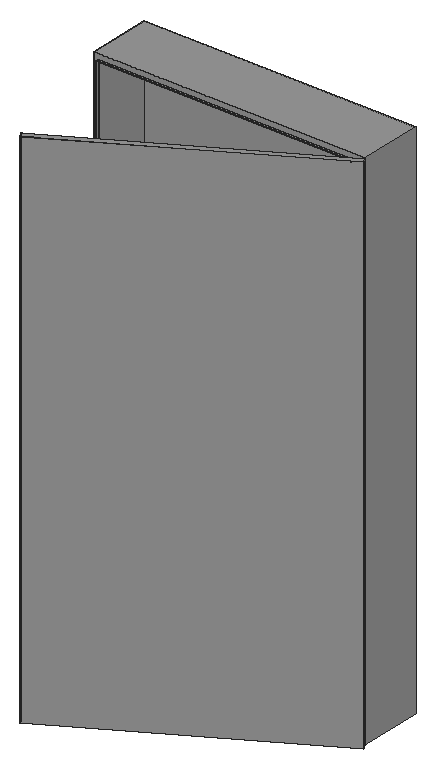
Revit family "Hager-Univers-IP44-D205-H1550-Cl.I-Encl-NoHosted-CH-en", category Equipement électrique, Revit 2020
Family settings
  Configuration du panneau = Deux colonnes, circuits au sein
  Cote de connecteur circulaire = Utiliser le diamètre
  Type d'élément = Tableau de raccordement
  Basée sur le plan de construction = Oui
  Toujours verticalement = Oui
  Couper avec des vides une fois chargée = Non
  Partagée = Non
  Point de calcul de pièce = Non
Parameters (values of type "Surface mounted (plaster) IP44 W800 H1550 D205  - FP03TN2")
  Width Control [instance] = if([EF000008 - Width] > Min Width, [EF000008 - Width], Min Width)  # 800 mm
  Commentaires du type = [HG000003 - Range]  # "Univers"
  Thickness Door [instance] = if([EF009171 - Material plate thickness door/cover] > 3 mm, 3 mm, [EF009171 - Material plate thickness door/cover])  # 1 mm
  Seal Frame Offset [instance] = 17 mm  # constant formula
  Plinth Visibility [instance] = [HG000027 - Plinth height] > 0 mm  # no
  Min Width [instance] = 100 mm  # constant formula
  Min Depth [instance] = (2 * [EF009170 - Material plate thickness cabinet]) + 1 mm  # 3 mm
  Min Height [instance] = 100 mm  # constant formula
  Internal Frame Depth [instance] = (Door System Depth * 0.5)  # 9 mm
  Panel Name [instance] = ""  # (empty or 0)
  Model = ""
  HG000027 - Plinth height = 0 mm
  HG000026 - Floor standing = no
  HG000024 - Bottom section height = 600 mm
  HG000023 - Double section enclosure = no
  HG000016 - Door 3d visibility [instance] = yes
  HG000015 - Clearance visibility [instance] = no
  HG000014 - Door on the right [instance] = yes
  HG000013 - Door on the left [instance] = not([HG000014 - Door on the right])  # no
  HG000012 - Door swing angle [instance] = 30.00°
  HG000010 - Asymmetric doors = no
  HG000009 - Double swing door = no
  HG000006 - Flush mounted = no
  HG000004 - Manufacturer reference = "FP03TN2"
  HG000003 - Range = "Univers"
  HG000002 - With door or cover = yes
  Frame Offset Bottom [instance] = 10 mm  # constant formula
  Frame Offset [instance] = 15 mm  # constant formula
  EF015940 - Cover with overpressure release = no
  EF011959 - Degree of protection (NEMA) = ""
  EF009554 - Number of openings for flange plates = 6
  EF009212 - Cover model = "EV000116 - Closed"
  EF009171 - Material plate thickness door/cover = 1 mm
  EF009170 - Material plate thickness cabinet = 1 mm
  EF008873 - Nominal current (In) = 250 A
  EF007800 - Suitable for lightning protection = no
  EF006306 - With lock = no
  EF006244 - Transparent cover/door = no
  EF005474 - Degree of protection (IP) = "EV006418 - IP44"
  EF004464 - Type of door = "EV002646 - Single"
  EF004427 - Number of modules = 360
  EF004293 - Impact strength = "EV006815 - IK09"
  EF003532 - Suitable for outdoor use = no
  EF002950 - Width in number of modular spacings = 36
  EF001613 - Circuit integrity = "EV000494 - None"
  EF001596 - Material housing = "EV000179 - Steel"
  EF001131 - Internal depth = 205 mm
  EF001088 - Extension possible = yes
  EF000437 - Number of conduit inlets = 6
  EF000339 - Type of cover = "EV001012 - Cover"
  EF000266 - Number of rows = 10
  EF000218 - Built-in depth = 205 mm
  EF000118 - With mounting plate = no
  EF000116 - RAL-number = "9010"
  EF000049 - Depth = 205 mm
  EF000040 - Height = 1550 mm
  EF000008 - Width = 800 mm
  EF000007 - Colour = "EV000202 - White"
  EF000003 - Mounting method = "EV000384 - Surface mounted (plaster)"
  Door System Leaf Tolerance [instance] = 1.5 mm  # constant formula
  Door System Depth [instance] = 18 mm  # constant formula
  Door Height [instance] = Height Control - [HG000027 - Plinth height]  # 1550 mm
  Description = ""
  Default Elevation = 1219.2 mm
  Connector Offset [instance] = Height Control / 2  # 775 mm
  Fabricant = "Hager"  # constant formula
  Height Control [instance] = if([EF000040 - Height] > Min Height, [EF000040 - Height], Min Height)  # 1550 mm
  Depth Control [instance] = if([EF000049 - Depth] > Min Depth, [EF000049 - Depth], Min Depth)  # 205 mm
  Bottom Top Plate Trim [instance] = 1.5 mm  # constant formula
  Plinth height Ctrl [instance] = if([HG000027 - Plinth height] > 0 mm, [HG000027 - Plinth height], 12 mm)  # 12 mm
Types (5, lengths in mm): name | Width Control | HG000010 - Asymmetric doors | HG000009 - Double swing door | HG000004 - Manufacturer reference | EF009554 - Number of openings for flange plates | EF008873 - Nominal current (In) | EF004464 - Type of door | EF004427 - Number of modules | EF002950 - Width in number of modular spacings | EF000437 - Number of conduit inlets | EF000008 - Width
  Surface mounted (plaster) IP44 W1050 H1550 D205  - FP04TN2 | 1050 | no | yes | "FP04TN2" | 8 | 400 A | "EV003602 - Double" | 480 | 48 | 8 | 1050
  Surface mounted (plaster) IP44 W1300 H1550 D205  - FP05TN2 | 1300 | yes | yes | "FP05TN2" | 10 | 400 A | "EV003602 - Double" | 600 | 60 | 10 | 1300
  Surface mounted (plaster) IP44 W300 H1550 D205  - FP01TN2 | 300 | no | no | "FP01TN2" | 2 | 250 A | "EV002646 - Single" | 120 | 12 | 2 | 300
  Surface mounted (plaster) IP44 W550 H1550 D205  - FP02TN2 | 550 | no | no | "FP02TN2" | 4 | 250 A | "EV002646 - Single" | 240 | 24 | 4 | 550
  Surface mounted (plaster) IP44 W800 H1550 D205  - FP03TN2 | 800 | no | no | "FP03TN2" | 6 | 250 A | "EV002646 - Single" | 360 | 36 | 6 | 800
Reference planes
  plane 1 "Center (Front/Back)": y = 0
  plane 2: z = 0
  plane 3 "Center (Left/Right)": x = 0
  plane 4: y = 0
  plane 5: y = 0
  plane 6: z = 0
  plane 7: x = -400
  plane 8: x = 400
  plane 9: x = 399
  plane 10: x = -399
  plane 11: z = 0
  plane 12: z = 1
  plane 13: y = -205
  plane 14: y = -1
  plane 15: x = 0
  plane 16: y = -187
  plane 17: y = -204
  plane 18: y = -186
  plane 19: x = -384
  plane 20: x = 384
  plane 21: z = 11
  plane 22: x = -383
  plane 23: x = 383
  plane 24: z = 0
  plane 25: z = 1550
  plane 26: z = 1550
  plane 27: z = 1534
  plane 28: z = 1549
Forms (mm)
  Extrusion 1, solid, material "Hager_Steel_RAL7035_Light_Grey", detail levels medium+fine
    sketch origin (-208.679, -4572, 0) x (-1, 0, 0) y (0, -1, 0)
      loop
        line (191.321, -4385) -> (-608.679, -4385) -> (-608.679, -4572) -> (191.321, -4572) -> (191.321, -4385)
    from 0 to 1550
  Extrusion 2, void
    sketch origin (-350.771, -205, 1219.2) x (1, 0, 0) y (0, 0, 1)
      loop
        line (-48.229, 329.8) -> (-48.229, -1218.2) -> (749.771, -1218.2) -> (749.771, 329.8) -> (-48.229, 329.8)
    from -19 to -204
  Extrusion 3, void
    sketch origin (-290.084, -187, 1219.2) x (1, 0, 0) y (0, 0, 1)
      loop
        line (-93.916, -1208.2) -> (674.084, -1208.2) -> (674.084, 314.8) -> (-93.916, 314.8) -> (-93.916, -1208.2)
    from 0 to -1
  Extrusion 4, solid, material "Hager_Steel_RAL7035_Light_Grey", visible <- "Plinth Visibility", detail levels medium+fine
    sketch origin (0, 0, 0) x (1, 0, 0) y (0, 1, 0)
      loop
        line (-400, 0) -> (-400, -187) -> (400, -187) -> (400, 0) -> (-400, 0)
    from 0 to 12 <- "Plinth height Ctrl"
  Extrusion 5, solid, material "Hager_Steel_RAL7035_Light_Grey", detail levels coarse
    sketch origin (0, 0, 0) x (1, 0, 0) y (0, 1, 0)
      loop
        line (-400, 0) -> (-400, -205) -> (400, -205) -> (400, 0) -> (-400, 0)
    from 0 to 1550 <- "Height Control"
  Sweep 6, void
    path in 3D
      loop
        line (-400, -187, 12) -> (400, -187, 12) -> (400, 0, 12) -> (-400, 0, 12) -> (-400, -187, 12)
    profile origin (-400, -93.5, 12) x (1, 0, 0) y (0, 0, 1)
      loop
        line (0, 0) -> (0, -1.5) -> (1.5, -1.5)
        arc (1.5, -1.5) -> (1.061, -0.439) -> (0, 0) r 1.5
  Extrusion 7, solid, material "Hager_Steel_RAL7035_Light_Grey", detail levels fine
    sketch origin (-400, -187, 0) x (1, 0, 0) y (0, 0, 1)
      loop
        line (16, 11) -> (784, 11) -> (784, 1534) -> (16, 1534) -> (16, 11)
      loop
        line (15, 10) -> (785, 10) -> (785, 1535) -> (15, 1535) -> (15, 10)
    from 0 to 9 <- "Internal Frame Depth"
Cuts and joins
  Extrusion 2, Extrusion 3 cuts Extrusion 1
  Sweep 6 cuts Extrusion 4
Lines and regions (mm)
  Masking region 1
    outline origin (0, 0, 0) x (1, 0, 0) y (0, 1, 0)
      loop
        line (-400, 0) -> (-400, -205) -> (400, -205) -> (400, 0) -> (-400, 0)
  Masking region 2, detail levels coarse
    outline origin (-290.084, -187, 1219.2) x (-1, 0, 0) y (0, 0, 1)
      loop
        line (-690.084, -1219.2) -> (109.916, -1219.2) -> (109.916, 330.8) -> (-690.084, 330.8) -> (-690.084, -1219.2)
  Masking region 3, detail levels coarse
    outline origin (0, 0, 0) x (0, 1, 0) y (0, 0, 1)
      loop
        line (0, 0) -> (0, 1550) -> (-205, 1550) -> (-205, 0) -> (0, 0)
  Masking region 4, visible <- "Plinth Visibility", detail levels medium+fine
    outline origin (0, 0, 0) x (0, 1, 0) y (0, 0, 1)
      loop
        line (-1.5, 12) -> (-185.5, 12)
        arc (-185.5, 12) -> (-185.939, 10.939) -> (-187, 10.5) r 1.5
        line (-187, 10.5) -> (-187, 0) -> (0, 0) -> (0, 10.5)
        arc (0, 10.5) -> (-1.061, 10.939) -> (-1.5, 12) r 1.5
  Masking region 5, detail levels medium+fine
    outline origin (0, 0, 594.038) x (0, 1, 0) y (0, 0, 1)
      loop
        line (0, -594.038) -> (0, 955.962) -> (-187, 955.962) -> (-187, -594.038) -> (0, -594.038)
  Masking region 6, detail levels medium+fine
    outline origin (-359.7, -187, 1211.883) x (-1, 0, 0) y (0, 0, 1)
      loop
        line (-759.7, -1211.883) -> (40.3, -1211.883) -> (40.3, 338.117) -> (-759.7, 338.117) -> (-759.7, -1211.883)
  Masking region 7, visible <- "Plinth Visibility", detail levels medium+fine
    outline origin (-320.334, -187, 1041.368) x (-1, 0, 0) y (0, 0, 1)
      loop
        line (-720.334, -1041.368) -> (79.666, -1041.368) -> (79.666, -1030.868)
        arc (79.666, -1030.868) -> (78.606, -1030.429) -> (78.166, -1029.368) r 1.5
        line (78.166, -1029.368) -> (-718.834, -1029.368)
        arc (-718.834, -1029.368) -> (-719.273, -1030.429) -> (-720.334, -1030.868) r 1.5
        line (-720.334, -1030.868) -> (-720.334, -1041.368)
  sketch lines
    curve 1: line (-400, 0, 12) -> (-400, -187, 12)
    curve 2: line (-400, -187, 12) -> (400, -187, 12)
    curve 3: line (400, 0, 12) -> (-400, 0, 12)
    curve 4: line (400, -187, 12) -> (400, 0, 12)
Dimensions and locks
  locked: plane 1 "Center (Front/Back)" to plane 5
  "EF009170 - Material plate thickness cabinet": plane 7 to plane 10
  "EF009170 - Material plate thickness cabinet": plane 8 to plane 9
  equal spacing: plane 7, plane 3 "Center (Left/Right)", plane 8
  "Width Control": plane 7 to plane 8
  "Depth Control": plane 4 to plane 13
  "EF009170 - Material plate thickness cabinet": plane 4 to plane 14
  "Height Control": plane 25 to level
  "HG000027 - Plinth height": plane 11 to level
  "EF009170 - Material plate thickness cabinet": plane 12 to plane 11
  "EF009170 - Material plate thickness cabinet": plane 17 to plane 13
  "EF009170 - Material plate thickness cabinet": plane 18 to plane 16
  "Frame Offset Bottom": plane 21 to plane 12
  "Frame Offset": plane 10 to plane 19
  "Frame Offset": plane 9 to plane 20
  "Door System Depth": plane 16 to plane 13
  "Seal Frame Offset": plane 7 to plane 22
  "Seal Frame Offset": plane 8 to plane 23
  "EF009170 - Material plate thickness cabinet": plane 26 to plane 28
  "Frame Offset": plane 28 to plane 27
  "Connector Offset": plane 2 to connector elem
  "Bottom Top Plate Trim": profile plane to Sweep 6 sketch curve
  "Bottom Top Plate Trim": Sweep 6 sketch curve to Sweep 6 sketch curve
  "Plinth height Ctrl": Masking region 4 sketch curve to level
  "Plinth height Ctrl": Masking region 7 sketch curve to level
  "Thickness Door": Extrusion 7 sketch curve to Extrusion 7 sketch curve  (x4)
  "Bottom Top Plate Trim": radius of Sweep 6 sketch curve
  "Bottom Top Plate Trim": radius of Masking region 4 sketch curve  (x2)
  "Bottom Top Plate Trim": radius of Masking region 7 sketch curve  (x2)
  aligned and locked: Extrusion 2 sketch curve to plane 12
  aligned and locked: Extrusion 2 sketch curve to plane 9
  aligned and locked: Extrusion 2 sketch curve to plane 10
  aligned and locked: Extrusion 2 to plane 14
  aligned and locked: Extrusion 1 sketch curve to plane 4
  aligned and locked: plane 8 to Extrusion 1 sketch curve
  aligned and locked: plane 7 to Extrusion 1 sketch curve
  aligned and locked: Extrusion 2 to plane 18
  aligned and locked: Extrusion 3 sketch curve to plane 19
  aligned and locked: plane 20 to Extrusion 3 sketch curve
  aligned and locked: Extrusion 3 to Extrusion 2
  aligned and locked: Extrusion 3 sketch curve to plane 21
  aligned and locked: plane 3 "Center (Left/Right)" to nested 1
  aligned and locked: Extrusion 1 sketch curve to plane 16
  aligned and locked: Extrusion 4 sketch curve to cut or joined group of Extrusion 1, Extrusion 2, Extrusion 3
  aligned and locked: Masking region 1 sketch curve to plane 7
  aligned and locked: Masking region 1 sketch curve to plane 5
  aligned and locked: Masking region 1 sketch curve to plane 8
  aligned and locked: Masking region 2 sketch curve to level
  aligned and locked: level to Masking region 3 sketch curve
  aligned and locked: plane 1 "Center (Front/Back)" to Masking region 3 sketch curve
  aligned and locked: plane 13 to Masking region 3 sketch curve
  aligned and locked: plane 5 to Masking region 4 sketch curve
  aligned and locked: Masking region 2 sketch curve to plane 8
  aligned and locked: Masking region 2 sketch curve to plane 7
  aligned and locked: plane 7 to nested 2
  aligned and locked: nested 2 to plane 5
  aligned and locked: plane 5 to Masking region 5 sketch curve
  aligned and locked: plane 26 to Masking region 5 sketch curve
  aligned and locked: Extrusion 5 sketch curve to plane 8
  aligned and locked: Extrusion 5 sketch curve to plane 7
  aligned and locked: Extrusion 5 sketch curve to plane 5
  aligned and locked: Extrusion 3 sketch curve to plane 27
  aligned and locked: Extrusion 2 sketch curve to plane 28
  aligned and locked: Masking region 2 to plane 25
  aligned and locked: Extrusion 4 to plane 16
  aligned and locked: profile plane to Sweep 6 sketch curve
  aligned and locked: Masking region 5 sketch curve to plane 24
  aligned and locked: level to Masking region 4 sketch curve
  aligned and locked: Masking region 1 to plane 13
  aligned and locked: nested 1 to plane 16
  aligned and locked: Masking region 3 to plane 25
  aligned and locked: plane 16 to Masking region 4 sketch curve
  aligned and locked: Masking region 5 sketch curve to plane 16
  aligned and locked: plane 24 to plane 11
  aligned and locked: plane 26 to plane 25
  aligned and locked: plane 26 to cut or joined group of Extrusion 1, Extrusion 2, Extrusion 3
  aligned and locked: nested 1 to plane 24
  aligned and locked: Extrusion 1 to Extrusion 3
  aligned and locked: Masking region 6 sketch curve to plane 8
  aligned and locked: Masking region 6 sketch curve to plane 24
  aligned and locked: Masking region 6 sketch curve to plane 7
  aligned and locked: Masking region 6 sketch curve to plane 26
  aligned and locked: Masking region 7 sketch curve to plane 7
  aligned and locked: level to Masking region 7 sketch curve
  aligned and locked: Masking region 7 sketch curve to plane 8
  aligned and locked: Extrusion 7 sketch curve to cut or joined group of Extrusion 1, Extrusion 2, Extrusion 3  (x4)
Automatic sketch dimensions
  plane 19 to Extrusion 3 sketch curve = 0 mm
  Extrusion 3 sketch curve to plane 20 = 0 mm
  Extrusion 3 sketch curve to plane 21 = 0 mm
  Extrusion 4 sketch curve to plane 7 = 0 mm
  Extrusion 4 sketch curve to plane 8 = 0 mm
  Extrusion 4 sketch curve to plane 16 = 0 mm
  Masking region 1 sketch curve to plane 13 = 0 mm
  Masking region 2 sketch curve to plane 25 = 0 mm
  Masking region 3 sketch curve to plane 25 = 0 mm
  Extrusion 5 sketch curve to plane 13 = 0 mm
  profile plane to Sweep 6 sketch curve = 0 mm
Nested families
  nested 1: "EC000058_Univers_Door" at (0, -187, 0), Double <- "HG000009 - Double swing door", Transparent <- "EF006244 - Transparent cover/door", Angle <- "HG000012 - Door swing angle", Door_Right <- "HG000014 - Door on the right", Assymetrical <- "HG000010 - Asymmetric doors", Door <- "HG000002 - With door or cover", Width_Ctrl <- "Width Control", 3d_Door <- "HG000016 - Door 3d visibility", Clearance <- "HG000015 - Clearance visibility", Door_Left <- "HG000013 - Door on the left", Width <- "Width Control", Door_Depth <- "Door System Depth", Leaf_Tolerance <- "Door System Leaf Tolerance", Height <- "Door Height", Lock_Visibility <- "EF006306 - With lock", Thickness <- "Thickness Door", type "EC000058_Univers_Door", detail levels medium+fine
    with min_wh 3 mm, Width_Ctrl 800 mm, Width 800 mm, Transparent no, Thickness 1 mm, Seal_Material Hager_Rubber, Lock_Visibility no, Lock_Material Hager_Plastic_RAL9005_Jet_Black, Leaf_Width 800 mm, Leaf_Tolerance_External_Sides 0 mm, Leaf_Tolerance 1.5 mm, Leaf_Offset 0 mm, Leaf_Height 1547 mm, Leaf_2_Width 800 mm, Leaf_2_Offset 400 mm, Leaf_1_Width 800 mm, Leaf_1_Offset 400 mm, Height_Ctrl 1550 mm, Height 1550 mm, Glass_Material Hager_Glass, Double_Clearance_Ctrl no, Double no, Door_Right_Ctrl yes, Door_Right yes, Door_Material Hager_Steel_RAL7035_Light_Grey, Door_Left_Ctrl no, Door_Left no, Door_Depth 18 mm, Door yes, Clearance_Material Hager_Clearance, Clearance_Depth 800 mm, Clearance_Ctrl no, Clearance no, Assymetrical no, Angle 30.00°, 3d_Door yes
  nested 2: "Hager_Enclosure_Symbol" at (-400, 0, 0), Height <- "Depth Control", Width <- "Width Control", type "Hager_Enclosure_Symbol"
    with Width_Ctrl 800 mm, Width 800 mm, Height_Ctrl 205 mm, Height 205 mm, A_Width_Int 13.453 mm, A_Width 161.438 mm, A_Height_Ctrl 179.375 mm, A_Height 179.375 mm
Connectors
  electrical at (0, 0, 775)
    settings: on plane 1 "Center (Front/Back)", index 1, voltage 0 V, apparent load 0 VA, apparent load phase1 0 VA, apparent load phase2 0 VA, apparent load phase3 0 VA, power factor 1, load classification "Other", number of poles 1, system type 30, power factor state 1, is connector primary yes, connector utility no, sub classification motor no, connector description ""
Definition of nested family "EC000058_Univers_Door"
  Parameters (values of type "EC000058_Univers_Door")
    min_wh [instance] = (2 * Thickness) + 1 mm  # 11 mm
    Width_Ctrl [instance] = 400 mm
    Width [instance] = 500 mm
    Transparent [instance] = yes
    Thickness [instance] = 5 mm
    Seal_Material [instance] = none
    Lock_Visibility [instance] = yes
    Lock_Material [instance] = none
    Leaf_Width [instance] = if((Width_Ctrl - 2 * Leaf_Tolerance_External_Sides) > 0 mm, (Width_Ctrl - 2 * Leaf_Tolerance_External_Sides), min_wh)  # 400 mm
    Leaf_Tolerance_External_Sides [instance] = 0 mm  # constant formula
    Leaf_Tolerance [instance] = 1.5 mm
    Leaf_Offset [instance] = 0 mm  # constant formula
    Leaf_Height [instance] = if((Height_Ctrl - 2 * Leaf_Tolerance) > 0 mm, (Height_Ctrl - 2 * Leaf_Tolerance), min_wh)  # 497 mm
    Leaf_2_Width [instance] = if(and(and(Double, Assymetrical), Door_Left), (Leaf_Width / 3) - (Leaf_Tolerance / 2), if(and(and(Double, Assymetrical), Door_Right), (Leaf_Width / 3) * 2 - (Leaf_Tolerance / 2), if(and(Double, not(Assymetrical)), (Leaf_Width / 2) - Leaf_Tolerance, Leaf_Width)))  # 400 mm
    Leaf_2_Offset [instance] = if(and(Double, Assymetrical), Leaf_2_Width / 2, if(and(Double, not(Assymetrical)), Leaf_Width / 4, Leaf_Width / 2))  # 200 mm
    Leaf_1_Width [instance] = if(and(and(Double, Assymetrical), Door_Right), (Leaf_Width / 3) - (Leaf_Tolerance / 2), if(and(and(Double, Assymetrical), Door_Left), (Width / 3) * 2 - (Leaf_Tolerance / 2), if(and(Double, not(Assymetrical)), (Leaf_Width / 2) - Leaf_Tolerance, Leaf_Width)))  # 400 mm
    Leaf_1_Offset [instance] = if(and(Double, Assymetrical), Leaf_1_Width / 2, if(and(Double, not(Assymetrical)), Leaf_Width / 4, Leaf_Width / 2))  # 200 mm
    Height_Ctrl [instance] = if(Height > min_wh, Height, min_wh)  # 500 mm
    Height [instance] = 500 mm
    Glass_Material [instance] = none
    Double_Clearance_Ctrl [instance] = and(Double, Clearance)  # no
    Double [instance] = no
    Door_Right_Ctrl [instance] = and(or(Door_Right, Double), Door)  # yes
    Door_Right [instance] = yes
    Door_Material [instance] = none
    Door_Left_Ctrl [instance] = and(or(Door_Left, Double), Door)  # no
    Door_Left [instance] = no
    Door_Depth [instance] = 30 mm
    Door [instance] = yes
    Default Elevation = 1219.2 mm
    Clearance_Material [instance] = none
    Clearance_Depth [instance] = if(Leaf_1_Width > Leaf_2_Width, Leaf_1_Width, Leaf_2_Width)  # 400 mm
    Clearance_Ctrl [instance] = and(not(Double), Clearance)  # yes
    Clearance [instance] = yes
    Assymetrical [instance] = yes
    Angle [instance] = 30.00°
    3d_Door [instance] = yes
  Reference planes
    plane 1 "Center (Front/Back)": y = 0
    plane 2 "Bottom": z = 0
    plane 3 "Center (Left/Right)": x = 0
    plane 4: z = 500
    plane 5: x = -200
    plane 6: x = 200
    plane 7: z = 500
    plane 8: x = -200
    plane 9: z = 0
    plane 10: x = 200
    plane 11: y = 0
    plane 12: z = 1.5
    plane 13: x = -600
    plane 14: y = -400
    plane 15: x = 600
    plane 16: x = 0
    plane 17: x = 0
    plane 18: x = -200
    plane 19: x = 200
    plane 20: z = 498.5
  Forms (mm)
    Extrusion 1, solid, material <- "Clearance_Material", visible <- "Double_Clearance_Ctrl"
      sketch origin (1200, 0, 0) x (1, 0, 0) y (0, 0, -1)
        loop
          line (-1800, -498.5) -> (-600, -498.5) -> (-600, 0) -> (-1800, 0) -> (-1800, -498.5)
      from 0 to -400
  Dimensions and locks
    equal spacing: plane 5, plane 3 "Center (Left/Right)", plane 6
    "Width_Ctrl": plane 5 to plane 6
    "Leaf_Offset": plane 5 to plane 8
    "Leaf_Offset": plane 6 to plane 10
    "Leaf_Offset": plane 9 to level
    "Leaf_Offset": plane 4 to plane 7
    "Height_Ctrl": plane 4 to level
    "Leaf_Tolerance": plane 12 to plane 9
    locked: plane 11 to plane 1 "Center (Front/Back)"
    "Leaf_1_Offset": plane 18 to plane 16
    "Leaf_2_Offset": plane 17 to plane 19
    "Leaf_1_Width": plane 13 to plane 8
    "Leaf_2_Width": plane 10 to plane 15
    "Clearance_Depth": plane 14 to plane 1 "Center (Front/Back)"
    "Leaf_Tolerance_External_Sides": plane 8 to plane 18
    "Leaf_Tolerance_External_Sides": plane 19 to plane 10
    "Leaf_Tolerance": plane 7 to plane 20
    aligned and locked: level to plane 2 "Bottom"
    aligned and locked: nested 1 to plane 16
    aligned and locked: nested 2 to plane 17
    aligned and locked: Extrusion 1 to plane 13
    aligned and locked: plane 15 to Extrusion 1
    aligned and locked: Extrusion 1 to plane 14
    aligned and locked: plane 12 to nested 1
    aligned and locked: nested 2 to plane 12
    aligned and locked: Extrusion 1 to plane 11
    aligned and locked: plane 20 to Extrusion 1
    aligned and locked: nested 2 to plane 11
    aligned and locked: nested 1 to plane 11
  Automatic sketch dimensions
    Extrusion 1 sketch curve to level = 0 mm
    plane 5 to Extrusion 1 sketch curve = 400 mm
    plane 6 to Extrusion 1 sketch curve = 400 mm
    Extrusion 1 sketch curve to plane 4 = 1.5 mm
  Nested families
    nested 1: "EC000058_Univers_Door_Leaf" at (0, 0, 1.5), Width <- "Leaf_1_Width", visible <- "Door_Left_Ctrl", Leaf_Height <- "Leaf_Height", Angle <- "Angle", 3d_Door <- "3d_Door", Transparent <- "Transparent", Clearance Material <- "Clearance_Material", Clearance <- "Clearance_Ctrl", Door_Material <- "Door_Material", Glass_Material <- "Glass_Material", Door_Depth <- "Door_Depth", Lock_Material <- "Lock_Material", Seal_Material <- "Seal_Material", Lock_Visibility <- "Lock_Visibility", Thickness <- "Thickness", type "EC000058_Univers_Door_Leaf"
      with Width 400 mm, Transparent_Glass_Offset 30 mm, Transparent_Ctrl yes, Transparent yes, Thickness 5 mm, Standard no, Seal_Material none, Seal_D2 8 mm, Seal_D1 1 mm, Offset_Internal_Frame 10 mm, Lock_Width 20 mm, Lock_Visibility_3d yes, Lock_Visibility yes, Lock_Thickness_3 3 mm, Lock_Thickness_2 1 mm, Lock_Thickness_1 3 mm, Lock_Radius_Offset_2 16 mm, Lock_Radius_Offset_1 15 mm, Lock_Radius_2 5 mm, Lock_Radius 6 mm, Lock_Offset 5 mm, Lock_Material none, Lock_Height 80 mm, Lock_Cover_Top_Offset_2d 17 mm, Lock_Cover_Height -65 mm, Leaf_Height 497 mm, Internal_Seal_Thickness 8 mm, Internal_Seal_Depth_2 4.5 mm, Internal_Frame_Depth 25 mm, Glass_Thickness -1 mm, Glass_Offset -2 mm, Glass_Material none, Door_Material none, Door_Depth 30 mm, Clearance Material none, Clearance yes, Angle_Ctrl 30.00°, Angle 30.00°, 3d_Door yes
    nested 2: "EC000058_Univers_Door_Leaf" at (0, 0, 1.5) x (-1, 0, 0) z (0, 0, 1), Width <- "Leaf_2_Width", visible <- "Door_Right_Ctrl", Leaf_Height <- "Leaf_Height", Angle <- "Angle", 3d_Door <- "3d_Door", Transparent <- "Transparent", Clearance Material <- "Clearance_Material", Clearance <- "Clearance_Ctrl", Door_Material <- "Door_Material", Glass_Material <- "Glass_Material", Door_Depth <- "Door_Depth", Lock_Material <- "Lock_Material", Seal_Material <- "Seal_Material", Lock_Visibility <- "Lock_Visibility", Thickness <- "Thickness", type "EC000058_Univers_Door_Leaf"
      with Width 400 mm, Transparent_Glass_Offset 30 mm, Transparent_Ctrl yes, Transparent yes, Thickness 5 mm, Standard no, Seal_Material none, Seal_D2 8 mm, Seal_D1 1 mm, Offset_Internal_Frame 10 mm, Lock_Width 20 mm, Lock_Visibility_3d yes, Lock_Visibility yes, Lock_Thickness_3 3 mm, Lock_Thickness_2 1 mm, Lock_Thickness_1 3 mm, Lock_Radius_Offset_2 16 mm, Lock_Radius_Offset_1 15 mm, Lock_Radius_2 5 mm, Lock_Radius 6 mm, Lock_Offset 5 mm, Lock_Material none, Lock_Height 80 mm, Lock_Cover_Top_Offset_2d 17 mm, Lock_Cover_Height -65 mm, Leaf_Height 497 mm, Internal_Seal_Thickness 8 mm, Internal_Seal_Depth_2 4.5 mm, Internal_Frame_Depth 25 mm, Glass_Thickness -1 mm, Glass_Offset -2 mm, Glass_Material none, Door_Material none, Door_Depth 30 mm, Clearance Material none, Clearance yes, Angle_Ctrl 30.00°, Angle 30.00°, 3d_Door yes
  Definition of nested family "EC000058_Univers_Door_Leaf"
    Parameters (values of type "EC000058_Univers_Door_Leaf")
      Width [instance] = 2000 mm
      Transparent_Glass_Offset [instance] = 30 mm
      Transparent_Ctrl [instance] = and(Transparent, [3d_Door])  # yes
      Transparent [instance] = yes
      Thickness [instance] = 5 mm
      Standard [instance] = and(not(Transparent), [3d_Door])  # no
      Seal_Material [instance] = none
      Seal_D2 [instance] = 8 mm  # constant formula
      Seal_D1 [instance] = 1 mm  # constant formula
      Offset_Internal_Frame [instance] = 10 mm  # constant formula
      Lock_Width [instance] = 20 mm  # constant formula
      Lock_Visibility_3d [instance] = and(Lock_Visibility, [3d_Door])  # yes
      Lock_Visibility [instance] = yes
      Lock_Thickness_3 [instance] = 3 mm  # constant formula
      Lock_Thickness_2 [instance] = 1 mm  # constant formula
      Lock_Thickness_1 [instance] = 3 mm  # constant formula
      Lock_Radius_Offset_2 [instance] = Lock_Radius_Offset_1 + 1 mm  # 16 mm
      Lock_Radius_Offset_1 [instance] = 15 mm  # constant formula
      Lock_Radius_2 [instance] = Lock_Radius - 1 mm  # 5 mm
      Lock_Radius [instance] = 6 mm  # constant formula
      Lock_Offset [instance] = 5 mm  # constant formula
      Lock_Material [instance] = none
      Lock_Height [instance] = 80 mm  # constant formula
      Lock_Cover_Top_Offset_2d [instance] = Lock_Radius_Offset_2 + 1 mm  # 17 mm
      Lock_Cover_Height [instance] = -(Lock_Height - Lock_Radius_Offset_1)  # -65 mm
      Leaf_Height [instance] = 2720.336 mm
      Internal_Seal_Thickness [instance] = 8 mm  # constant formula
      Internal_Seal_Depth_2 [instance] = 4.5 mm  # constant formula
      Internal_Frame_Depth [instance] = if(Door_Depth - Thickness > 5 mm, Door_Depth - Thickness, 5 mm)  # 25 mm
      Glass_Thickness [instance] = if(Thickness > 15 mm, Glass_Offset + 10 mm, -1 mm)  # -1 mm
      Glass_Offset [instance] = if(Thickness > 15 mm, -(Thickness + 10 mm) / 2, -2 mm)  # -2 mm
      Glass_Material [instance] = none
      Door_Material [instance] = none
      Door_Depth [instance] = 30 mm
      Default Elevation = 0 mm
      Clearance Material [instance] = none
      Clearance [instance] = yes
      Angle_Ctrl [instance] = if(Angle > 180.00°, 180.00°, Angle)  # 90.00°
      Angle [instance] = 90.00°
      3d_Door [instance] = yes
    Reference planes
      plane 1 "Center (Front/Back)": y = 0
      plane 2: z = 0
      plane 3 "Center (Left/Right)": x = 0
      plane 4: y = 2000
      plane 5: x = -1000
      plane 6: x = 1000
      plane 7: x = -3000
      plane 8: z = 2720.336
      plane 9: z = 30
      plane 10: z = 2690.336
      plane 11: x = 970
      plane 12: x = -970
      plane 13: y = -3
      plane 14: z = 107.833
      plane 15: y = -5
      plane 16: y = -223.314
      plane 17: x = -1000
      plane 18: z = 1360.168
      plane 19: y = 30
    Forms (mm)
      Extrusion 1, solid, material <- "Clearance Material", visible <- "Clearance"
        sketch origin (0, 0, 0) x (1, 0, 0) y (0, 0, 1)
          loop
            line (-3000, 2720.336) -> (-3000, 0) -> (1000, 0) -> (1000, 2720.336) -> (-3000, 2720.336)
        from 0 to -2000
      Extrusion 2, solid, material <- "Door_Material", visible <- "Standard", detail levels medium+fine
        sketch origin (-1000, 0, 0) x (0, 1, 0) y (-1, 0, 0)
          loop
            line (0, 30) -> (0, 25) -> (2000, 25) -> (2000, 30) -> (0, 30)
        from 0 to 2720.336 <- "Leaf_Height"
      Extrusion 3, solid, material <- "Door_Material", visible <- "Transparent_Ctrl", detail levels medium+fine
        sketch origin (-1000, 0, 0) x (0, 1, 0) y (-1, 0, 0)
          loop
            line (0, 25) -> (2000, 25) -> (2000, 30) -> (0, 30) -> (0, 25)
        from 0 to 2720.336 <- "Leaf_Height"
      Extrusion 4, void
        sketch origin (-1025, 2000, 0) x (0, 1, 0) y (0, 0, -1)
          loop
            line (-30, -2690.336) -> (-30, -30) -> (-1970, -30) -> (-1970, -2690.336) -> (-30, -2690.336)
        from 0 to 5 <- "Thickness"
      Sweep 5, solid, material <- "Seal_Material", visible <- "Transparent_Ctrl", detail levels fine
        path in 3D
          loop
            line (-1025, 30, 30) -> (-1025, 30, 2690.336) -> (-1025, 1970, 2690.336) -> (-1025, 1970, 30) -> (-1025, 30, 30)
        profile origin (-1025, 1000, 30) x (1, 0, 0) y (0, 0, 1)
          loop
            line (0, 0) -> (0, -8) -> (1, -8) -> (1, 0) -> (0, 0)
      Extrusion 6, solid, material <- "Glass_Material", visible <- "Transparent_Ctrl", detail levels medium+fine
        sketch origin (-1030, 0, 0) x (0, 1, 0) y (0, 0, -1)
          loop
            line (1970, -2690.336) -> (1970, -30) -> (30, -30) -> (30, -2690.336) -> (1970, -2690.336)
        from -2 <- "Glass_Offset" to -1 <- "Glass_Thickness"
      Extrusion 7, solid, material <- "Door_Material", visible <- "3d_Door", detail levels medium+fine
        sketch origin (-1025, 2000, 0) x (0, -1, 0) y (0, 0, -1)
          loop
            line (0, -2720.336) -> (2000, -2720.336) -> (2000, 0) -> (0, 0) -> (0, -2720.336)
          loop
            line (1995, -5) -> (5, -5) -> (5, -2715.336) -> (1995, -2715.336) -> (1995, -5)
        from 0 to 25 <- "Internal_Frame_Depth"
      Sweep 8, solid, material <- "Seal_Material", visible <- "Transparent_Ctrl", detail levels fine
        path in 3D
          loop
            line (-1025, 0, 0) -> (-1025, 2000, 0) -> (-1025, 2000, 2720.336) -> (-1025, 0, 2720.336) -> (-1025, 0, 0)
        profile origin (-1025, 0, 1360.168) x (1, 0, 0) y (0, 1, 0)
          loop
            line (0, 10) -> (2.975, 10)
            arc (2.975, 10) -> (4.053, 10.447) -> (4.5, 11.525) r 1.525
            line (4.5, 11.525) -> (4.5, 16.527)
            arc (4.5, 16.527) -> (4.069, 17.569) -> (3.027, 18) r 1.473
            line (3.027, 18) -> (0, 18) -> (0, 10)
      Extrusion 9, solid, material <- "Lock_Material", visible <- "Lock_Visibility_3d", detail levels fine
        sketch origin (-1030, 0, 0) x (0, 1, 0) y (0, 0, -1)
          loop
            arc (1993.5, -1400.168) -> (1994.561, -1399.729) -> (1995, -1398.668) r 1.5
            line (1995, -1398.668) -> (1995, -1320.168) -> (1975, -1320.168) -> (1975, -1398.668)
            arc (1975, -1398.668) -> (1975.439, -1399.729) -> (1976.5, -1400.168) r 1.5
            line (1976.5, -1400.168) -> (1993.5, -1400.168)
        from 3 <- "Lock_Thickness_1" to 0
      Blend 10, solid, material <- "Lock_Material", visible <- "Lock_Visibility_3d", detail levels fine
        base sketch origin (-1033, 0, 0) x (0, 1, 0) y (0, 0, -1)
          loop
            line (1975, -1320.168) -> (1975, -1398.668)
            arc (1975, -1398.668) -> (1975.439, -1399.729) -> (1976.5, -1400.168) r 1.5
            line (1976.5, -1400.168) -> (1993.5, -1400.168)
            arc (1993.5, -1400.168) -> (1994.561, -1399.729) -> (1995, -1398.668) r 1.5
            line (1995, -1398.668) -> (1995, -1320.168) -> (1975, -1320.168)
        top sketch origin (-1033, 0, 0) x (0, 1, 0) y (0, 0, -1)
          loop
            line (1976, -1320.168) -> (1976, -1398.668)
            arc (1976, -1398.668) -> (1976.146, -1399.022) -> (1976.5, -1399.168) r 0.5
            line (1976.5, -1399.168) -> (1993.5, -1399.168)
            arc (1993.5, -1399.168) -> (1993.854, -1399.022) -> (1994, -1398.668) r 0.5
            line (1994, -1398.668) -> (1994, -1320.168) -> (1976, -1320.168)
        from 0 to 1 <- "Lock_Thickness_2"
      Blend 11, solid, material <- "Lock_Material", visible <- "Lock_Visibility_3d", detail levels fine
        base sketch origin (-1034, 0, 0) x (0, 1, 0) y (0, 0, -1)
          loop
            line (1978, -1320.168) -> (1978, -1384.168)
            arc (1978, -1384.168) -> (1985, -1391.168) -> (1992, -1384.168) r 7
            line (1992, -1384.168) -> (1992, -1320.168) -> (1978, -1320.168)
        top sketch origin (-1034, 0, 0) x (0, 1, 0) y (0, 0, -1)
          loop
            line (1991, -1320.168) -> (1979, -1320.168) -> (1979, -1383.168)
            arc (1979, -1383.168) -> (1985, -1389.168) -> (1991, -1383.168) r 6
            line (1991, -1383.168) -> (1991, -1320.168)
        from 0 to 3 <- "Lock_Thickness_3"
      Extrusion 12, solid, material <- "Lock_Material", visible <- "Lock_Visibility_3d", detail levels fine
        sketch origin (-1030, 1975, 1320.168) x (1, 0, 0) y (0, -1, 0)
          loop
            line (-7, -19) -> (-7, -1) -> (0, -1) -> (0, 0) -> (-8, 0) -> (-8, -20) -> (0, -20) -> (0, -19) -> (-7, -19)
        from 0 to -65 <- "Lock_Cover_Height"
      Extrusion 13, void
        sketch origin (-1038, 1995, 1320.168) x (-1, 0, 0) y (0, 0, -1)
          loop
            line (-5, -65) -> (0, -65) -> (-5, -60) -> (-5, -65)
        from 0 to 20 <- "Lock_Width"
      Extrusion 14, void
        sketch origin (-1038, 1975, 1320.168) x (0, -1, 0) y (0, 0, -1)
          loop
            circle (-10, -15.995) r 6
          loop
            circle (-10, -15.995) r 5
        from 0 to 2
      Extrusion 15, solid, material <- "Lock_Material", visible <- "Lock_Visibility_3d", detail levels medium
        sketch origin (-1030, 0, 0) x (0, 1, 0) y (0, 0, -1)
          loop
            arc (1993.5, -1400.168) -> (1994.561, -1399.729) -> (1995, -1398.668) r 1.5
            line (1995, -1398.668) -> (1995, -1320.168) -> (1975, -1320.168) -> (1975, -1398.668)
            arc (1975, -1398.668) -> (1975.439, -1399.729) -> (1976.5, -1400.168) r 1.5
            line (1976.5, -1400.168) -> (1993.5, -1400.168)
        from 8 to 0
    Cuts and joins
      Extrusion 4 cuts Extrusion 3
      Extrusion 13, Extrusion 14 cuts Extrusion 9
      Extrusion 14 cuts Blend 11
      Extrusion 13, Extrusion 14 cuts Extrusion 12
      joined: Extrusion 9, Blend 10, Blend 11, Extrusion 12
      Extrusion 14 cuts Extrusion 15
    Lines and regions (mm)
      Masking region 1, visible <- "Lock_Visibility", detail levels fine
        outline origin (0, 0, 0) x (0, 1, 0) y (0, 0, 1)
          loop
            line (30, 1320.168) -> (33, 1320.168) -> (33, 1400.168) -> (30, 1400.168) -> (30, 1320.168)
      Masking region 2, visible <- "Lock_Visibility", detail levels fine
        outline origin (0, 3.143, 0) x (0, 1, 0) y (0, 0, 1)
          loop
            line (29.857, 1354.168) -> (30.857, 1354.168) -> (30.857, 1366.168) -> (29.857, 1366.168) -> (29.857, 1354.168)
      Masking region 3, detail levels medium+fine
        outline origin (0, 0, 0) x (0, 1, 0) y (0, 0, 1)
          loop
            line (0, 0) -> (30, 0) -> (30, 2720.336) -> (0, 2720.336) -> (0, 0)
      Masking region 4, detail levels medium+fine
        outline origin (0, 0, 0) x (1, 0, 0) y (0, 0, 1)
          loop
            line (-1000, 2720.336) -> (-1000, 0) -> (1000, 0) -> (1000, 2720.336) -> (-1000, 2720.336)
      Masking region 5, visible <- "Lock_Visibility", detail levels fine
        outline origin (-47.116, 0, 0) x (1, 0, 0) y (0, 0, 1)
          loop
            arc (1024.616, 1399.168) -> (1023.556, 1398.729) -> (1023.116, 1397.668) r 1.5
            line (1023.116, 1397.668) -> (1023.116, 1320.168) -> (1041.116, 1320.168) -> (1041.116, 1397.668)
            arc (1041.116, 1397.668) -> (1040.677, 1398.729) -> (1039.616, 1399.168) r 1.5
            line (1039.616, 1399.168) -> (1024.616, 1399.168)
      Masking region 6, visible <- "Lock_Visibility", detail levels medium+fine
        outline origin (-25, 0, 0) x (1, 0, 0) y (0, 0, 1)
          loop
            arc (1001.5, 1400.168) -> (1000.439, 1399.729) -> (1000, 1398.668) r 1.5
            line (1000, 1398.668) -> (1000, 1320.168) -> (1020, 1320.168) -> (1020, 1398.668)
            arc (1020, 1398.668) -> (1019.561, 1399.729) -> (1018.5, 1400.168) r 1.5
            line (1018.5, 1400.168) -> (1001.5, 1400.168)
      Masking region 7, visible <- "Lock_Visibility", detail levels fine
        outline origin (-73.735, 0, 0) x (1, 0, 0) y (0, 0, 1)
          loop
            line (1051.735, 1382.168) -> (1065.735, 1382.168) -> (1065.735, 1384.168)
            arc (1065.735, 1384.168) -> (1058.735, 1391.168) -> (1051.735, 1384.168) r 7
            line (1051.735, 1384.168) -> (1051.735, 1382.168)
      Masking region 8, visible <- "Lock_Visibility", detail levels fine
        outline origin (-73.735, 0, 0) x (1, 0, 0) y (0, 0, 1)
          loop
            line (1052.735, 1382.168) -> (1064.735, 1382.168) -> (1064.735, 1383.168)
            arc (1064.735, 1383.168) -> (1058.735, 1389.168) -> (1052.735, 1383.168) r 6
            line (1052.735, 1383.168) -> (1052.735, 1382.168)
      Masking region 9, visible <- "Lock_Visibility", detail levels fine
        outline origin (-25, 0, 0) x (1, 0, 0) y (0, 0, 1)
          loop
            line (1020, 1320.168) -> (1020, 1382.168) -> (1000, 1382.168) -> (1000, 1320.168) -> (1020, 1320.168)
      Masking region 10, detail levels medium+fine
        outline origin (0, 0, 0) x (1, 0, 0) y (0, 0, 1)
          loop
            circle (985, 1335.144) r 6
      Masking region 11, detail levels fine
        outline origin (0, 0, 0) x (1, 0, 0) y (0, 0, 1)
          loop
            circle (985, 1335.144) r 5
      Masking region 12, visible <- "Lock_Visibility", detail levels fine
        outline origin (0, 12.767, 0) x (0, 1, 0) y (0, 0, 1)
          loop
            line (20.233, 1320.168) -> (21.233, 1320.168) -> (21.233, 1399.168) -> (20.233, 1400.168) -> (20.233, 1320.168)
      Masking region 13, visible <- "Lock_Visibility", detail levels fine
        outline origin (0, 13.767, -10) x (0, 1, 0) y (0, 0, 1)
          loop
            line (20.233, 1330.168) -> (23.233, 1330.168) -> (23.233, 1399.168) -> (20.233, 1402.168) -> (20.233, 1330.168)
      Masking region 14, visible <- "Lock_Visibility", detail levels fine
        outline origin (0, 12.767, -10) x (0, 1, 0) y (0, 0, 1)
          loop
            line (20.233, 1330.168) -> (25.233, 1330.168) -> (25.233, 1399.305) -> (20.233, 1394.305) -> (20.233, 1330.168)
      Masking region 15, visible <- "Lock_Visibility", detail levels medium
        outline origin (0, 0, 0) x (0, 1, 0) y (0, 0, 1)
          loop
            line (30, 1320.168) -> (38, 1320.168) -> (38, 1400.168) -> (30, 1400.168) -> (30, 1320.168)
      Masking region 16, visible <- "Lock_Visibility", detail levels fine
        outline origin (-1000, 0, 0) x (0, 1, 0) y (-1, 0, 0)
          loop
            line (1975, 30) -> (1995, 30) -> (1995, 38) -> (1975, 38) -> (1975, 30)
          loop
            line (1979, 37) -> (1976, 37) -> (1976, 34) -> (1978, 34) -> (1979, 37)
          loop
            line (1994, 37) -> (1991, 37) -> (1992, 34) -> (1994, 34) -> (1994, 37)
      Masking region 17, visible <- "Lock_Visibility", detail levels medium
        outline origin (-1000, 0, 0) x (0, 1, 0) y (-1, 0, 0)
          loop
            line (1975, 30) -> (1995, 30) -> (1995, 38) -> (1975, 38) -> (1975, 30)
      symbolic lines
        curve 1: line (1000, 0, 0) -> (-3000, 0, 0)
        curve 2: arc (1000, 0, 0) -> (-1000, 2000, 0) -> (-3000, 0, 0) r 2000
        curve 4: line (-1030, 0, 0) -> (-1030, 2000, 0)
      reference lines
        curve 3: line (-1000, 0, 0) -> (-1000, 2000, 0)
      symbolic lines, detail levels medium+fine
        curve 5: line (-1030, 2000, 0) -> (-1025, 2000, 0)
        curve 7: line (-1025, 0, 0) -> (-1030, 0, 0)
        curve 8: line (-1025, 0, 0) -> (-1000, 0, 0)
        curve 9: line (-1000, 0, 0) -> (-1000, 2000, 0)
        curve 10: line (-1000, 2000, 0) -> (-1025, 2000, 0)
      symbolic lines, detail levels fine
        curve 6: line (-1025, 2000, 0) -> (-1025, 0, 0)
      sketch lines
        curve 11: line (-1025, 0, 2720.336) -> (-1025, 0, 0)
        curve 12: line (-1025, 2000, 0) -> (-1025, 0, 0)
        curve 13: line (-1025, 2000, 2720.336) -> (-1025, 2000, 0)
        curve 14: line (-1025, 0, 2720.336) -> (-1025, 2000, 2720.336)
        curve 15: line (-1025, 1970, 30) -> (-1025, 30, 30)
        curve 16: line (-1025, 30, 30) -> (-1025, 30, 2690.336)
        curve 17: line (-1025, 1970, 2690.336) -> (-1025, 1970, 30)
        curve 18: line (-1025, 30, 2690.336) -> (-1025, 1970, 2690.336)
      symbolic lines, visible <- "Transparent", detail levels medium+fine
        curve 19: line (-970, 0, 2690.336) -> (970, 0, 2690.336)
        curve 20: line (-970, 0, 30) -> (-970, 0, 2690.336)
        curve 21: line (970, 0, 30) -> (-970, 0, 30)
        curve 22: line (970, 0, 2690.336) -> (970, 0, 30)
    Dimensions and locks
      "Width": plane 1 "Center (Front/Back)" to plane 4
      equal spacing: plane 5, plane 3 "Center (Left/Right)", plane 6
      "Width": plane 5 to plane 6
      "Width": plane 7 to plane 5
      "Leaf_Height": plane 8 to level
      "Width": curve 5 to curve 3
      "Width": curve 3 to curve 3
      plane 8 to plane 10 = 30 mm
      plane 9 to level = 30 mm
      plane 12 to plane 5 = 30 mm
      plane 6 to plane 11 = 30 mm
      Extrusion 1 to Extrusion 4 sketch curve = 30 mm
      "Transparent_Glass_Offset": curve 3 to Extrusion 4 sketch curve
      "Transparent_Glass_Offset": Extrusion 4 sketch curve to cut or joined group of Extrusion 3, Extrusion 4  (x2)
      cut or joined group of Extrusion 3, Extrusion 4 to Extrusion 6 sketch curve = 30 mm
      "Transparent_Glass_Offset": cut or joined group of Extrusion 3, Extrusion 4 to Extrusion 4 sketch curve
      "Thickness": curve 6 to curve 4
      "Thickness": Extrusion 7 sketch curve to Extrusion 7 sketch curve  (x4)
      "Door_Depth": curve 4 to curve 3
      "Offset_Internal_Frame": profile plane to Sweep 8 sketch curve
      "Internal_Seal_Thickness": Sweep 8 sketch curve to Sweep 8 sketch curve
      "Internal_Seal_Depth_2": profile plane to Sweep 8 sketch curve
      "Seal_D1": profile plane to Sweep 5 sketch curve
      "Seal_D2": profile plane to Sweep 5 sketch curve
      "Thickness": Extrusion 2 sketch curve to Extrusion 2 sketch curve
      equal spacing: Extrusion 9 sketch curve, plane 18, Extrusion 9 sketch curve  (x2)
      equal spacing: Masking region 1 sketch curve, plane 18, Masking region 1 sketch curve
      "Lock_Height": Masking region 1 sketch curve to Masking region 1 sketch curve
      "Lock_Radius": Masking region 2 sketch curve to plane 18 to Masking region 2 sketch curve
      Masking region 2 sketch curve to Masking region 1 = 1 mm
      "Door_Depth": plane 19 to plane 1 "Center (Front/Back)"
      "Lock_Thickness_1": Masking region 1 sketch curve to plane 19
      "Lock_Width": Extrusion 9 sketch curve to Extrusion 9 sketch curve
      "Lock_Height": Extrusion 9 sketch curve to Extrusion 9 sketch curve
      "Lock_Offset": cut or joined group of Extrusion 3, Extrusion 4 to Extrusion 9 sketch curve
      equal spacing: plane 8, plane 18, level
      "Lock_Radius_Offset_1": Blend 11 sketch curve to Blend 10
      locked: Blend 10 to Blend 11 sketch curve at 2  (x2)
      locked: var sketch to Blend 11 sketch curve at 1  (x2)
      "Lock_Radius_Offset_2": Blend 11 sketch curve to Blend 10
      locked: Extrusion 12 sketch curve to Extrusion 12 sketch curve at 1  (x3)
      Masking region 6 sketch curve to Masking region 6 sketch curve = 80 mm
      "Lock_Height": Masking region 6 sketch curve to Masking region 6 sketch curve
      "Lock_Width": Masking region 6 sketch curve to Masking region 6 sketch curve
      locked: Masking region 6 to Masking region 5 sketch curve at 1  (x3)
      locked: Masking region 5 to Masking region 7 sketch curve at 2  (x2)
      "Lock_Radius_Offset_1": Masking region 5 to Masking region 7 sketch curve
      "Lock_Radius_Offset_2": Masking region 5 to Masking region 8 sketch curve
      locked: Masking region 7 to Masking region 8 sketch curve at 1  (x2)
      "Lock_Cover_Top_Offset_2d": Masking region 5 to Masking region 9 sketch curve
      equal spacing: Masking region 9, Masking region 10 sketch curve, Masking region 9
      equal spacing: Masking region 9, Masking region 11 sketch curve, Masking region 9
      Extrusion 15 sketch curve to Extrusion 15 sketch curve = 80 mm
      "Lock_Width": Extrusion 15 sketch curve to Extrusion 15 sketch curve
      "Lock_Height": Extrusion 15 sketch curve to Extrusion 15 sketch curve
      equal spacing: Extrusion 15 sketch curve, plane 18, Extrusion 15 sketch curve
      "Lock_Thickness_3": Masking region 13 sketch curve to Masking region 13 sketch curve
      "Lock_Height": Masking region 12 sketch curve to Masking region 12 sketch curve
      locked: Masking region 13 sketch curve to Masking region 1 at 8
      locked: Masking region 14 sketch curve to Masking region 13 at 1
      locked: Masking region 14 sketch curve to Masking region 1 at 10.863
      "Lock_Height": Masking region 15 sketch curve to Masking region 15 sketch curve
      "Lock_Offset": Extrusion 15 sketch curve to cut or joined group of Extrusion 3, Extrusion 4
      "Lock_Offset": plane 6 to Masking region 6 sketch curve
      radius of Sweep 8 sketch curve = 1.525 mm
      radius of Sweep 8 sketch curve = 1.473 mm
      radius of Extrusion 9 sketch curve = 1.5 mm  (x2)
      "Lock_Radius": radius of Extrusion 14 sketch curve
      "Lock_Radius_2": radius of Extrusion 14 sketch curve
      "Lock_Radius": radius of Masking region 10 sketch curve
      "Lock_Radius_2": radius of Masking region 11 sketch curve
      radius of Extrusion 15 sketch curve = 1.5 mm  (x2)
      "Angle_Ctrl": angle plane 1 "Center (Front/Back)" to curve 3
      locked: Masking region 12 sketch curve to Masking region 12 sketch curve (angle 45.00°)
      locked: Masking region 13 sketch curve to Masking region 13 sketch curve (angle 45.00°)
      locked: Masking region 14 sketch curve to Masking region 14 sketch curve (angle 45.00°)
      aligned and locked: level to plane 2
      aligned and locked: Extrusion 1 to curve 1
      aligned and locked: plane 6 to Extrusion 1
      aligned and locked: Extrusion 1 to plane 1 "Center (Front/Back)"
      aligned and locked: plane 4 to Extrusion 1
      aligned and locked: plane 8 to Extrusion 1
      aligned and locked: curve 7 to Extrusion 2 sketch curve
      aligned and locked: curve 5 to Extrusion 2 sketch curve
      aligned and locked: curve 7 to Extrusion 3 sketch curve
      aligned and locked: Extrusion 3 sketch curve to curve 4
      aligned and locked: Extrusion 3 sketch curve to curve 6
      aligned and locked: Extrusion 3 sketch curve to curve 5
      aligned and locked: curve 9 to curve 3
      aligned and locked: Extrusion 7 sketch curve to cut or joined group of Extrusion 3, Extrusion 4  (x4)
      aligned and locked: plane 17 to curve 3
      aligned and locked: plane 1 "Center (Front/Back)" to curve 3
      aligned and locked: plane 17 to plane 5
      aligned and locked: Sweep 8 sketch curve to profile plane
      aligned and locked: Sweep 5 sketch curve to profile plane  (x2)
      aligned and locked: Masking region 1 to Masking region 2 sketch curve
      aligned and locked: plane 19 to Masking region 1 sketch curve
      aligned and locked: plane 1 "Center (Front/Back)" to Masking region 3 sketch curve
      aligned and locked: plane 19 to Masking region 3 sketch curve
      aligned and locked: level to Masking region 3 sketch curve
      aligned and locked: Masking region 3 sketch curve to plane 8
      aligned and locked: plane 17 to Masking region 4 sketch curve
      aligned and locked: level to Masking region 4 sketch curve
      aligned and locked: Masking region 4 sketch curve to plane 8
      aligned and locked: plane 12 to curve 20
      aligned and locked: plane 10 to curve 19
      aligned and locked: plane 11 to curve 22
      aligned and locked: curve 21 to plane 9
      aligned and locked: Extrusion 2 sketch curve to cut or joined group of Extrusion 3, Extrusion 4
      aligned and locked: Blend 10 sketch curve to Extrusion 9  (x4)
      aligned and locked: Extrusion 9 to Blend 10 sketch curve
      aligned and locked: Blend 10 to Blend 11 sketch curve
      aligned and locked: Extrusion 12 sketch curve to Blend 11
      aligned and locked: Extrusion 12 sketch curve to Extrusion 9  (x4)
      aligned and locked: Masking region 5 sketch curve to Masking region 6
      aligned and locked: Masking region 9 sketch curve to Masking region 6  (x3)
      aligned and locked: Masking region 12 sketch curve to Masking region 1
      aligned and locked: Masking region 13 sketch curve to Masking region 1
      aligned and locked: Masking region 12 to Masking region 14
      aligned and locked: Masking region 14 sketch curve to Masking region 1
      aligned and locked: Masking region 15 sketch curve to Masking region 14
      aligned and locked: Masking region 13 sketch curve to Masking region 12
      aligned and locked: Masking region 16 sketch curve to cut or joined group of Extrusion 14, Extrusion 15  (x4)
      aligned and locked: Masking region 16 sketch curve to cut or joined group of Extrusion 9, Blend 10, Blend 11, Extrusion 12, Extrusion 13, Extrusion 14  (x6)
      aligned and locked: cut or joined group of Extrusion 9, Blend 10, Blend 11, Extrusion 12, Extrusion 13, Extrusion 14 to Masking region 16 sketch curve
      aligned and locked: Masking region 17 sketch curve to cut or joined group of Extrusion 14, Extrusion 15  (x3)
      aligned and locked: Masking region 17 sketch curve to cut or joined group of Extrusion 9, Blend 10, Blend 11, Extrusion 12, Extrusion 13, Extrusion 14
      aligned and locked: Masking region 9 to Masking region 8 sketch curve
      aligned and locked: Masking region 9 to Masking region 7 sketch curve
    Automatic sketch dimensions
      plane 1 "Center (Front/Back)" to curve 2 = 0 mm
      curve 2 to plane 5 = 0 mm
      Extrusion 1 sketch curve to level = 0 mm
      Extrusion 1 sketch curve to plane 7 = 0 mm
      Extrusion 1 sketch curve to plane 6 = 0 mm
      Extrusion 1 sketch curve to plane 8 = 0 mm
      Extrusion 3 to Extrusion 6 sketch curve = 30 mm  (x4)
      Masking region 4 sketch curve to plane 6 = 0 mm
      Blend 10 sketch curve to Extrusion 9 = 1.5 mm
      Blend 10 sketch curve to Extrusion 9 = 1 mm
      Extrusion 13 sketch curve to Extrusion 12 = 0 mm  (x2)
      Extrusion 12 to Extrusion 13 sketch curve = 3 mm
      Extrusion 13 sketch curve to Extrusion 12 = 5 mm
      Extrusion 14 sketch curve to Extrusion 14 sketch curve = 0 mm  (x2)
      Extrusion 14 sketch curve to Extrusion 12 = 10 mm
      Extrusion 14 sketch curve to Extrusion 12 = 15.995 mm
      Masking region 5 sketch curve to Masking region 5 sketch curve = 1.5 mm  (x2)
      Masking region 10 sketch curve to plane 18 = 25.024 mm
      Masking region 11 sketch curve to plane 18 = 25.024 mm
      plane 19 to Masking region 14 sketch curve = 3 mm
      Masking region 16 sketch curve to Masking region 16 sketch curve = 3 mm
      curve 4 to curve 3 = 0 mm
      Blend 10 to Blend 11 sketch curve = 0 mm
      Masking region 6 sketch curve to Masking region 6 sketch curve = 1.5 mm  (x2)
      Masking region 6 sketch curve to plane 18 = 40 mm
      plane 19 to Masking region 12 sketch curve = 3 mm
      Masking region 12 sketch curve to Masking region 12 sketch curve = 1 mm
      Masking region 15 sketch curve to plane 19 = 0 mm
      Masking region 15 sketch curve to plane 18 = 40 mm
      radius of Blend 10 sketch curve to Extrusion 9 = 1 mm
Definition of nested family "Hager_Enclosure_Symbol"
  Parameters (values of type "Hager_Enclosure_Symbol")
    Width_Ctrl [instance] = if(Width > 1 mm, Width, 1 mm)  # 102.27 mm
    Width [instance] = 102.27 mm
    Height_Ctrl [instance] = if(Height > 1 mm, Height, 1 mm)  # 66.5 mm
    A_Width_Int [instance] = if(A_Width / 12 > 2 mm, A_Width / 12, 2 mm)  # 4.364 mm
    A_Width [instance] = if(A_Height_Ctrl * 0.9 > 2 mm, A_Height_Ctrl * 0.9, 2 mm)  # 52.369 mm
    A_Height_Ctrl [instance] = if(A_Height > 2 mm, A_Height, 2 mm)  # 58.188 mm
    Height [instance] = 66.5 mm
    A_Height [instance] = Height - (Height / 8)  # 58.188 mm
  Reference planes
    plane 1 "Centre (avant/arrière)": y = 0
    plane 2: z = 0
    plane 3 "Centre (gauche/droite)": x = 0
    plane 4: x = 52.369
    plane 5: y = 33.042
    plane 6: y = 41.77
    plane 7: y = 66.5
    plane 8: x = 26.184
    plane 9: y = 37.406
    plane 10: x = 102.27
    plane 11: y = 66.5
    plane 12: y = 8.313
  Lines and regions (mm)
    Filled region 1, type "Solid_Black", in view "Niveau de réf."
      outline origin (0, 0, 0) x (1, 0, 0) y (0, 1, 0)
        loop
          line (52.369, 66.5) -> (33.188, 54.536) -> (45.365, 45.006) -> (52.369, 66.5)
    Filled region 2, type "Solid_Black", in view "Niveau de réf."
      outline origin (0, 0, 0) x (1, 0, 0) y (0, 1, 0)
        loop
          line (0, 0) -> (102.27, 0) -> (102.27, 66.5) -> (0, 0)
    detail lines, in view "Niveau de réf."
      curve 1: line (0, 8.313, 0) -> (26.184, 41.77, 0)
      curve 2: line (26.184, 41.77, 0) -> (26.184, 33.042, 0)
      curve 3: line (26.184, 33.042, 0) -> (52.369, 66.5, 0)
  Dimensions and locks
    "A_Width": plane 3 "Centre (gauche/droite)" to plane 4
    equal spacing: plane 3 "Centre (gauche/droite)", plane 8, plane 4
    equal spacing: plane 6, plane 9, plane 5
    equal spacing: curve 3, Filled region 1 sketch curve, Filled region 1 sketch curve
    "Height_Ctrl": plane 1 "Centre (avant/arrière)" to plane 11
    "A_Height_Ctrl": plane 11 to plane 12
    equal spacing: plane 11, plane 9, plane 12
    "A_Width_Int": plane 6 to plane 9
    "Width_Ctrl": plane 3 "Centre (gauche/droite)" to plane 10
    angle Filled region 1 sketch curve to curve 3 = 20.00°
    angle curve 3 to Filled region 1 sketch curve = 20.00°
    locked: curve 3 to Filled region 1 sketch curve (angle 90.00°)
    aligned and locked: plane 10 to Filled region 2
    aligned and locked: plane 11 to Filled region 2 sketch curve
    aligned and locked: plane 10 to Filled region 2 sketch curve
    aligned and locked: plane 3 "Centre (gauche/droite)" to curve 1
    aligned and locked: plane 12 to curve 1
    aligned and locked: plane 7 to plane 11
  Automatic sketch dimensions
    Filled region 1 sketch curve to plane 4 = 0 mm
    Filled region 1 sketch curve to plane 7 = 0 mm
    plane 1 "Centre (avant/arrière)" to Filled region 2 sketch curve = 0 mm
    Filled region 2 sketch curve to plane 3 "Centre (gauche/droite)" = 0 mm
    curve 2 to plane 6 = 0 mm
    curve 2 to plane 8 = 0 mm
    curve 3 to plane 4 = 0 mm
    curve 2 to plane 5 = 0 mm
    curve 3 to plane 7 = 0 mm
